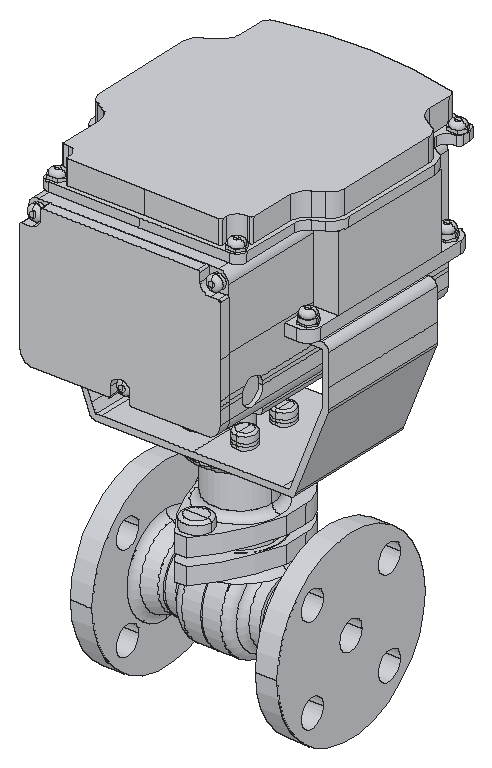
Revit family "電動二方弁(ロゴなし)", category Electrical Equipment, Revit 2020
Family settings
  Round Connector Dimension = Use Diameter
  Part Type = Other Panel
  OmniClass Number = 23.80.30.11.17
  OmniClass Title = Distribution Boards and Control Panels
  Work Plane-Based = No
  Always vertical = Yes
  Cut with Voids When Loaded = No
  Shared = No
  Room Calculation Point = No
Parameters
  配線φ(左側) [instance] = 14.031 mm
  配線φ(右側) [instance] = 14.031 mm
  配管φ [instance] = 95 mm
  配管2φ [instance] = 95 mm
  IfcObjectType = ""
  IfcName = ""
  IfcLongName = ""
  IfcExportType = ""
  IfcExportAs = ""
  IfcDescription = ""
  Default Elevation = 0 mm
Reference planes
  plane 1 "中心(正面/背面)": y = 0
  plane 2: z = 0
  plane 3 "中心(左/右)": x = 0
Forms (mm)
  Extrusion 1, solid
    sketch origin (0, 0, -77.064) x (0, 1, 0) y (0, 0, 1)
      loop
        circle (0, 124.5) r 47.5
    from 45.882 to 56.882
  Extrusion 2, void
    sketch origin (0, 0, -77) x (0, 1, 0) y (0, 0, 1)
      loop
        circle (-24.749, 149.249) r 7.5
    from 45.882 to 56.882
  Extrusion 3, void
    sketch origin (0, 49.497, -77) x (0, 1, 0) y (0, 0, 1)
      loop
        circle (-24.749, 149.249) r 7.5
    from 45.882 to 56.882
  Extrusion 4, void
    sketch origin (0, 0, -126.498) x (0, 1, 0) y (0, 0, 1)
      loop
        circle (-24.749, 149.249) r 7.5
    from 45.882 to 56.882
  Extrusion 5, void
    sketch origin (0, 49.497, -126.498) x (0, 1, 0) y (0, 0, 1)
      loop
        circle (-24.749, 149.249) r 7.5
    from 45.882 to 56.882
  Extrusion 6, void
    sketch origin (0, 24.749, -101.749) x (0, 1, 0) y (0, 0, 1)
      loop
        circle (-24.749, 149.249) r 7.5
    from 45.882 to 56.882
  Extrusion 7, solid
    sketch origin (-95, 0, -77.064) x (0, 1, 0) y (0, 0, 1)
      loop
        circle (0, 124.5) r 47.5
    from 45.882 to 56.882
  Extrusion 8, void
    sketch origin (-95, 0, -77) x (0, 1, 0) y (0, 0, 1)
      loop
        circle (-24.749, 149.249) r 7.5
    from 45.882 to 56.882
  Extrusion 9, solid
    sketch origin (0.118, 0, 0) x (1, 0, 0) y (0, 0, 1)
      loop
        line (-51.618, 196.3) -> (-51.618, 199.5) -> (-66.618, 199.5)
        arc (-66.618, 199.5) -> (-69.235, 198.416) -> (-70.318, 195.8) r 3.7
        line (-70.318, 195.8) -> (-70.318, 179.5) -> (-70.318, 169.594)
        arc (-70.318, 169.594) -> (-70.255, 168.913) -> (-70.068, 168.255) r 3.7
        line (-70.068, 168.255) -> (-53.226, 124.861)
        arc (-53.226, 124.861) -> (-51.866, 123.147) -> (-49.776, 122.5) r 3.7
        line (-49.776, 122.5) -> (49.539, 122.5)
        arc (49.539, 122.5) -> (51.629, 123.147) -> (52.989, 124.861) r 3.7
        line (52.989, 124.861) -> (69.831, 168.255)
        arc (69.831, 168.255) -> (70.018, 168.913) -> (70.082, 169.594) r 3.7
        line (70.082, 169.594) -> (70.082, 179.5) -> (70.082, 195.8)
        arc (70.082, 195.8) -> (68.998, 198.416) -> (66.382, 199.5) r 3.7
        line (66.382, 199.5) -> (51.182, 199.5) -> (51.182, 196.3) -> (66.382, 196.3)
        arc (66.382, 196.3) -> (66.735, 196.154) -> (66.882, 195.8) r 0.5
        line (66.882, 195.8) -> (66.882, 169.5) -> (64.355, 162.99) -> (49.882, 125.7) -> (46.449, 125.7) -> (-0.118, 125.7) -> (-46.686, 125.7) -> (-50.118, 125.7) -> (-51.928, 130.361) -> (-64.592, 162.99) -> (-67.118, 169.5) -> (-67.118, 195.8)
        arc (-67.118, 195.8) -> (-66.972, 196.154) -> (-66.618, 196.3) r 0.5
        line (-66.618, 196.3) -> (-51.618, 196.3)
    from -38.424 to 30.5
  Extrusion 10, solid
    sketch origin (0, -461.789, 0) x (1, 0, 0) y (0, 1, 0)
      loop
        arc (0, 545.194) -> (-22.618, 543.895) -> (-44.938, 540.014) r 197.5
        arc (-44.938, 540.014) -> (-47.717, 538.253) -> (-48.8, 535.145) r 5
        line (-48.8, 535.145) -> (-48.8, 522.279)
        arc (-48.8, 522.279) -> (-50.006, 517.779) -> (-53.3, 514.485) r 9
        line (-53.3, 514.485) -> (-58.8, 511.309)
        arc (-58.8, 511.309) -> (-61.728, 508.381) -> (-62.8, 504.381) r 8
        line (-62.8, 504.381) -> (-62.8, 450.408)
        arc (-62.8, 450.408) -> (-61.728, 446.408) -> (-58.8, 443.479) r 8
        line (-58.8, 443.479) -> (-53.3, 440.304)
        arc (-53.3, 440.304) -> (-50.006, 437.01) -> (-48.8, 432.51) r 9
        line (-48.8, 432.51) -> (-48.8, 409.394)
        arc (-48.8, 409.394) -> (-48.507, 408.687) -> (-47.8, 408.394) r 1
        line (-47.8, 408.394) -> (-46, 408.394)
        arc (-46, 408.394) -> (-41.757, 406.637) -> (-40, 402.394) r 6
        line (-40, 402.394) -> (-40, 400.594)
        arc (-40, 400.594) -> (-39.707, 399.887) -> (-39, 399.594) r 1
        line (-39, 399.594) -> (0, 399.594) -> (39, 399.594)
        arc (39, 399.594) -> (39.707, 399.887) -> (40, 400.594) r 1
        line (40, 400.594) -> (40, 402.394)
        arc (40, 402.394) -> (41.757, 406.637) -> (46, 408.394) r 6
        line (46, 408.394) -> (47.8, 408.394)
        arc (47.8, 408.394) -> (48.507, 408.687) -> (48.8, 409.394) r 1
        line (48.8, 409.394) -> (48.8, 432.51)
        arc (48.8, 432.51) -> (50.006, 437.01) -> (53.3, 440.304) r 9
        line (53.3, 440.304) -> (58.8, 443.479)
        arc (58.8, 443.479) -> (61.728, 446.408) -> (62.8, 450.408) r 8
        line (62.8, 450.408) -> (62.8, 504.381)
        arc (62.8, 504.381) -> (61.728, 508.381) -> (58.8, 511.309) r 8
        line (58.8, 511.309) -> (53.3, 514.485)
        arc (53.3, 514.485) -> (50.006, 517.779) -> (48.8, 522.279) r 9
        line (48.8, 522.279) -> (48.8, 535.145)
        arc (48.8, 535.145) -> (47.717, 538.253) -> (44.938, 540.014) r 5
        arc (44.938, 540.014) -> (22.618, 543.895) -> (0, 545.194) r 197.5
    from 248.5 to 260.5
  Extrusion 11, solid
    sketch origin (0, -461.789, 0) x (1, 0, 0) y (0, 1, 0)
      loop
        arc (0, 547.894) -> (-28.126, 545.907) -> (-55.692, 539.984) r 200
        arc (-55.692, 539.984) -> (-58.298, 538.185) -> (-59.3, 535.182) r 5
        line (-59.3, 535.182) -> (-59.3, 531.092)
        arc (-59.3, 531.092) -> (-58.732, 529.695) -> (-57.35, 529.092) r 2
        arc (-57.35, 529.092) -> (-53.205, 527.284) -> (-51.5, 523.094) r 6
        line (-51.5, 523.094) -> (-51.5, 522.106)
        arc (-51.5, 522.106) -> (-52.304, 519.106) -> (-54.5, 516.909) r 6
        line (-54.5, 516.909) -> (-60.5, 513.445)
        arc (-60.5, 513.445) -> (-64.16, 509.785) -> (-65.5, 504.785) r 10
        line (-65.5, 504.785) -> (-65.5, 450.003)
        arc (-65.5, 450.003) -> (-64.16, 445.003) -> (-60.5, 441.343) r 10
        line (-60.5, 441.343) -> (-55, 438.168)
        arc (-55, 438.168) -> (-52.438, 435.606) -> (-51.5, 432.106) r 7
        line (-51.5, 432.106) -> (-51.5, 401.894)
        arc (-51.5, 401.894) -> (-50.036, 398.359) -> (-46.5, 396.894) r 5
        line (-46.5, 396.894) -> (0, 396.894) -> (46.5, 396.894)
        arc (46.5, 396.894) -> (50.036, 398.359) -> (51.5, 401.894) r 5
        line (51.5, 401.894) -> (51.5, 432.106)
        arc (51.5, 432.106) -> (52.438, 435.606) -> (55, 438.168) r 7
        line (55, 438.168) -> (60.5, 441.343)
        arc (60.5, 441.343) -> (64.16, 445.003) -> (65.5, 450.003) r 10
        line (65.5, 450.003) -> (65.5, 504.785)
        arc (65.5, 504.785) -> (64.16, 509.785) -> (60.5, 513.445) r 10
        line (60.5, 513.445) -> (54.5, 516.909)
        arc (54.5, 516.909) -> (52.304, 519.106) -> (51.5, 522.106) r 6
        line (51.5, 522.106) -> (51.5, 523.094)
        arc (51.5, 523.094) -> (53.205, 527.284) -> (57.35, 529.092) r 6
        arc (57.35, 529.092) -> (58.732, 529.695) -> (59.3, 531.092) r 2
        line (59.3, 531.092) -> (59.3, 535.182)
        arc (59.3, 535.182) -> (58.298, 538.185) -> (55.692, 539.984) r 5
        arc (55.692, 539.984) -> (28.126, 545.907) -> (0, 547.894) r 200
    from 244 to 248.5
  Extrusion 12, solid
    sketch origin (0, -461.789, 0) x (1, 0, 0) y (0, 1, 0)
      loop
        circle (-58, 432.394) r 4.25
    from 206.5 to 208.5
  Extrusion 13, solid
    sketch origin (0, -461.789, 0) x (1, 0, 0) y (0, 1, 0)
      loop
        line (-60.454, 436.644) -> (-62.907, 432.394) -> (-60.454, 428.144) -> (-55.546, 428.144) -> (-53.093, 432.394) -> (-55.546, 436.644) -> (-58, 436.644) -> (-60.454, 436.644)
    from 205.5 to 206.5
  Revolve 14, solid, detail levels fine
    sketch origin (91.963, -59.403, 0) x (1, 0, 0) y (0, 0, 1)
      loop
        arc (-47.868, 252.7) -> (-49.481, 251.883) -> (-49.776, 250.1) r 2
        line (-49.776, 250.1) -> (-46.118, 250.1) -> (-46.118, 252.7) -> (-47.868, 252.7)
      axis (-46.118, 252.7) -> (-46.118, 250.1)
    angle from 0 to 360
  Revolve 15, solid
    sketch origin (-0.037, -59.403, 0) x (1, 0, 0) y (0, 0, 1)
      loop
        arc (-47.868, 252.7) -> (-49.481, 251.883) -> (-49.776, 250.1) r 2
        line (-49.776, 250.1) -> (-46.118, 250.1) -> (-46.118, 252.7) -> (-47.868, 252.7)
      axis (-46.118, 252.7) -> (-46.118, 250.1)
    angle from 0 to 360
  Extrusion 16, solid
    sketch origin (0.118, -20, 0) x (1, 0, 0) y (0, 0, 1)
      loop
        line (-46.13, 233.5) -> (-50.618, 233.5)
        arc (-50.618, 233.5) -> (-51.326, 233.207) -> (-51.618, 232.5) r 1
        line (-51.618, 232.5) -> (-51.618, 206.5) -> (-51.618, 187.2) -> (-51.618, 184.874) -> (-51.618, 182.778) -> (-51.618, 176)
        arc (-51.618, 176) -> (-49.568, 171.05) -> (-44.618, 169) r 7
        line (-44.618, 169) -> (-6.118, 169)
        arc (-6.118, 169) -> (-5.411, 169.293) -> (-5.118, 170) r 1
        line (-5.118, 170) -> (-5.118, 174.5)
        arc (-5.118, 174.5) -> (-3.654, 178.036) -> (-0.118, 179.5) r 5
        arc (-0.118, 179.5) -> (3.417, 178.036) -> (4.882, 174.5) r 5
        line (4.882, 174.5) -> (4.882, 170)
        arc (4.882, 170) -> (5.174, 169.293) -> (5.882, 169) r 1
        line (5.882, 169) -> (44.382, 169)
        arc (44.382, 169) -> (49.331, 171.05) -> (51.382, 176) r 7
        line (51.382, 176) -> (51.382, 182.778) -> (51.382, 184.874) -> (51.382, 187.2) -> (51.382, 206.5) -> (51.382, 232.5)
        arc (51.382, 232.5) -> (51.089, 233.207) -> (50.382, 233.5) r 1
        line (50.382, 233.5) -> (45.893, 233.5)
        arc (45.893, 233.5) -> (42.358, 234.965) -> (40.893, 238.5) r 5
        line (40.893, 238.5) -> (40.893, 243)
        arc (40.893, 243) -> (40.601, 243.707) -> (39.893, 244) r 1
        line (39.893, 244) -> (-40.13, 244)
        arc (-40.13, 244) -> (-40.838, 243.707) -> (-41.13, 243) r 1
        line (-41.13, 243) -> (-41.13, 238.5)
        arc (-41.13, 238.5) -> (-42.595, 234.965) -> (-46.13, 233.5) r 5
    from 51.5 to 57
  Extrusion 17, solid
    sketch origin (0, 0, 0) x (1, 0, 0) y (0, 0, 1)
      loop
        line (-13.607, 161) -> (-13.607, 139.5) -> (-0.118, 139.5) -> (13.607, 139.5) -> (13.607, 161) -> (-0.118, 161) -> (-13.607, 161)
    from -13.607 to 13.607
  Revolve 18, solid
    sketch origin (0, 0, 0) x (0, 1, 0) y (0, 0, 1)
      loop
        line (-6, 137.956) -> (-6.5, 137.09) -> (-6.5, 125.7) -> (0, 125.7) -> (0, 137.956) -> (-6, 137.956)
      axis (0, 137.956) -> (0, 125.7)
    angle from 0 to 360
  Revolve 19, solid
    sketch origin (-12.5, 0, 0) x (0, 1, 0) y (0, 0, 1)
      loop
        arc (-16.752, 132.9) -> (-17.541, 132.594) -> (-18.025, 131.9) r 1.452
        line (-18.025, 131.9) -> (-18.025, 128.9) -> (-12.5, 128.9) -> (-12.5, 132.9) -> (-16.752, 132.9)
      axis (-12.5, 132.9) -> (-12.5, 128.9)
    angle from 0 to 360
  Extrusion 20, solid, detail levels fine
    sketch origin (103.688, -491.798, 0) x (1, 0, 0) y (0, 1, 0)
      loop
        line (-60.731, 436.165) -> (-62.907, 432.394) -> (-60.775, 428.7) -> (-55.225, 428.7) -> (-53.093, 432.394) -> (-55.269, 436.165) -> (-58, 436.165) -> (-60.731, 436.165)
    from 248.5 to 250.1
  Extrusion 21, solid
    sketch origin (11.688, -491.798, 0) x (1, 0, 0) y (0, 1, 0)
      loop
        line (-60.731, 436.165) -> (-62.907, 432.394) -> (-60.775, 428.7) -> (-55.225, 428.7) -> (-53.093, 432.394) -> (-55.269, 436.165) -> (-58, 436.165) -> (-60.731, 436.165)
    from 248.5 to 250.1
  Extrusion 22, solid
    sketch origin (0, 0, 0) x (1, 0, 0) y (0, 0, 1)
      loop
        arc (51.382, 238.7) -> (49.829, 242.448) -> (46.082, 244) r 5.3
        line (46.082, 244) -> (-46.318, 244)
        arc (-46.318, 244) -> (-50.066, 242.448) -> (-51.618, 238.7) r 5.3
        line (-51.618, 238.7) -> (-51.618, 206.5) -> (-51.618, 187.2) -> (-51.618, 184.874) -> (-51.618, 182.778) -> (-51.618, 176)
        arc (-51.618, 176) -> (-49.568, 171.05) -> (-44.618, 169) r 7
        line (-44.618, 169) -> (-0.118, 169) -> (44.382, 169)
        arc (44.382, 169) -> (49.331, 171.05) -> (51.382, 176) r 7
        line (51.382, 176) -> (51.382, 182.778) -> (51.382, 184.874) -> (51.382, 187.2) -> (51.382, 206.5) -> (51.382, 238.7)
    from -69.008 to 71.5
  Extrusion 23, solid, detail levels medium+fine
    sketch origin (0, 0, 0) x (1, 0, 0) y (0, 0, 1)
      loop
        arc (-56.98, 162.726) -> (-58.567, 164.386) -> (-60.863, 164.437) r 3
        line (-60.863, 164.437) -> (-64.592, 162.99) -> (-51.928, 130.361) -> (-48.199, 131.809)
        arc (-48.199, 131.809) -> (-46.539, 133.395) -> (-46.487, 135.691) r 3
        line (-46.487, 135.691) -> (-56.98, 162.726)
    from -4.258 to 4.152
  Revolve 24, solid
    sketch origin (0, 0, 0) x (1, 0, 0) y (0, 0, 1)
      loop
        line (-27.754, 65.728) -> (-34.829, 68.303)
        arc (-34.829, 68.303) -> (-37.214, 70.133) -> (-38.118, 73.001) r 5
        line (-38.118, 73.001) -> (-38.118, 47.5) -> (-24.643, 47.5) -> (-24.643, 65.897)
        arc (-24.643, 65.897) -> (-26.18, 65.505) -> (-27.754, 65.728) r 4
      axis (-38.118, 47.5) -> (-24.643, 47.5)
    angle from 0 to 360
  Revolve 25, solid
    sketch origin (0, 0, 0) x (1, 0, 0) y (0, 0, 1)
      loop
        line (45.882, 47.5) -> (24.643, 47.5) -> (24.643, 30.5) -> (31.652, 30.5) -> (38.006, 30.5)
        arc (38.006, 30.5) -> (40.717, 30.126) -> (43.224, 29.03) r 10
        arc (43.224, 29.03) -> (45.166, 27.191) -> (45.882, 24.613) r 5
        line (45.882, 24.613) -> (45.882, 47.5)
      axis (24.643, 47.5) -> (45.882, 47.5)
    angle from 0 to 360
  Revolve 26, solid
    sketch origin (0, 0, 0) x (1, 0, 0) y (0, 0, 1)
      loop
        line (-24.643, 47.5) -> (-24.643, 29.5) -> (-18.893, 29.5)
        arc (-18.893, 29.5) -> (-16.399, 28.627) -> (-14.994, 26.389) r 4
        arc (-14.994, 26.389) -> (-13.237, 23.591) -> (-10.118, 22.5) r 5
        line (-10.118, 22.5) -> (0, 22.5) -> (0, 47.5) -> (-24.643, 47.5)
      axis (0, 47.5) -> (-24.643, 47.5)
    angle from 0 to 360
  Revolve 27, solid
    sketch origin (0, 0, 0) x (-1, 0, 0) y (0, 0, 1)
      loop
        line (-24.643, 47.5) -> (-24.643, 29.5) -> (-18.893, 29.5)
        arc (-18.893, 29.5) -> (-16.399, 28.627) -> (-14.994, 26.389) r 4
        arc (-14.994, 26.389) -> (-13.237, 23.591) -> (-10.118, 22.5) r 5
        line (-10.118, 22.5) -> (0, 22.5) -> (0, 47.5) -> (-24.643, 47.5)
      axis (0, 47.5) -> (-24.643, 47.5)
    angle from 0 to 360
  Revolve 28, solid
    sketch origin (-12.5, 0, 0) x (0, 1, 0) y (0, 0, 1)
      loop
        line (-18.025, 128.9) -> (-18.025, 127.3) -> (-18.025, 125.7) -> (-12.5, 125.7) -> (-12.5, 128.9) -> (-18.025, 128.9)
      axis (-12.5, 128.9) -> (-12.5, 125.7)
    angle from 0 to 360
  Revolve 29, solid
    sketch origin (-12.5, 25, 0) x (0, 1, 0) y (0, 0, 1)
      loop
        arc (-16.752, 132.9) -> (-17.541, 132.594) -> (-18.025, 131.9) r 1.452
        line (-18.025, 131.9) -> (-18.025, 128.9) -> (-12.5, 128.9) -> (-12.5, 132.9) -> (-16.752, 132.9)
      axis (-12.5, 132.9) -> (-12.5, 128.9)
    angle from 0 to 360
  Revolve 30, solid
    sketch origin (-12.5, 25, 0) x (0, 1, 0) y (0, 0, 1)
      loop
        line (-18.025, 128.9) -> (-18.025, 127.3) -> (-18.025, 125.7) -> (-12.5, 125.7) -> (-12.5, 128.9) -> (-18.025, 128.9)
      axis (-12.5, 128.9) -> (-12.5, 125.7)
    angle from 0 to 360
  Revolve 31, solid
    sketch origin (12.5, 0, 0) x (0, 1, 0) y (0, 0, 1)
      loop
        arc (-16.752, 132.9) -> (-17.541, 132.594) -> (-18.025, 131.9) r 1.452
        line (-18.025, 131.9) -> (-18.025, 128.9) -> (-12.5, 128.9) -> (-12.5, 132.9) -> (-16.752, 132.9)
      axis (-12.5, 132.9) -> (-12.5, 128.9)
    angle from 0 to 360
  Revolve 32, solid
    sketch origin (12.5, 0, 0) x (0, 1, 0) y (0, 0, 1)
      loop
        line (-18.025, 128.9) -> (-18.025, 127.3) -> (-18.025, 125.7) -> (-12.5, 125.7) -> (-12.5, 128.9) -> (-18.025, 128.9)
      axis (-12.5, 128.9) -> (-12.5, 125.7)
    angle from 0 to 360
  Revolve 33, solid
    sketch origin (12.5, 25, 0) x (0, 1, 0) y (0, 0, 1)
      loop
        arc (-16.752, 132.9) -> (-17.541, 132.594) -> (-18.025, 131.9) r 1.452
        line (-18.025, 131.9) -> (-18.025, 128.9) -> (-12.5, 128.9) -> (-12.5, 132.9) -> (-16.752, 132.9)
      axis (-12.5, 132.9) -> (-12.5, 128.9)
    angle from 0 to 360
  Revolve 34, solid
    sketch origin (12.5, 25, 0) x (0, 1, 0) y (0, 0, 1)
      loop
        line (-18.025, 128.9) -> (-18.025, 127.3) -> (-18.025, 125.7) -> (-12.5, 125.7) -> (-12.5, 128.9) -> (-18.025, 128.9)
      axis (-12.5, 128.9) -> (-12.5, 125.7)
    angle from 0 to 360
  Revolve 35, solid
    sketch origin (0, 0, 0) x (1, 0, 0) y (0, 0, 1)
      loop
        line (-4.75, 139.5) -> (-4.75, 137.956) -> (0, 137.956) -> (0, 139.5) -> (-4.75, 139.5)
      axis (0, 139.5) -> (0, 137.956)
    angle from 0 to 360
  Revolve 36, solid
    sketch origin (0, 0, 0) x (1, 0, 0) y (0, 0, 1)
      loop
        line (0, 77) -> (-20, 77) -> (-20, 73.103)
        arc (-20, 73.103) -> (-21.527, 68.402) -> (-25.524, 65.495) r 8
        line (-25.524, 65.495) -> (-18.847, 65.495)
        arc (-18.847, 65.495) -> (-16.351, 66.373) -> (-14.953, 68.62) r 3.988
        arc (-14.953, 68.62) -> (-13.31, 71.404) -> (-10.268, 72.5) r 4.769
        line (-10.268, 72.5) -> (0, 72.5) -> (0, 77)
      axis (0, 77) -> (0, 65.495)
    angle from 0 to 360
  Extrusion 37, solid
    sketch origin (0, 0, 0) x (1, 0, 0) y (0, 0, 1)
      loop
        line (-47, 169.152) -> (-47, 167.5)
        arc (-47, 167.5) -> (-46.121, 165.379) -> (-44, 164.5) r 3
        line (-44, 164.5) -> (44, 164.5)
        arc (44, 164.5) -> (46.121, 165.379) -> (47, 167.5) r 3
        line (47, 167.5) -> (47, 169.462)
        arc (47, 169.462) -> (45.784, 169.119) -> (44.525, 169) r 7
        line (44.525, 169) -> (-42.442, 169)
        arc (-42.442, 169) -> (-44.734, 168.695) -> (-47, 169.152) r 7
    from -44 to 44
  Revolve 38, solid
    sketch origin (0, -28, 0) x (1, 0, 0) y (0, 0, 1)
      loop
        line (0, 95.717) -> (-5.688, 95.717)
        arc (-5.688, 95.717) -> (-6.779, 95.427) -> (-7.583, 94.633) r 2.201
        line (-7.583, 94.633) -> (-7.583, 90.3) -> (0, 90.3) -> (0, 95.717)
      axis (0, 95.717) -> (0, 90.3)
    angle from 0 to 360
  Revolve 39, solid
    sketch origin (0, 0, 0) x (1, 0, 0) y (0, 0, 1)
      loop
        arc (-18.5, 115.3) -> (-17.086, 114.714) -> (-16.5, 113.3) r 2
        line (-16.5, 113.3) -> (-16.5, 94.3)
        arc (-16.5, 94.3) -> (-17.672, 91.472) -> (-20.5, 90.3) r 4
        line (-20.5, 90.3) -> (0, 90.3) -> (0, 115.3) -> (-18.5, 115.3)
      axis (0, 90.3) -> (0, 115.3)
    angle from 0 to 360
  Revolve 40, solid, detail levels fine
    sketch origin (0, 0, 0) x (1, 0, 0) y (0, 0, 1)
      loop
        line (-4, 81.3) -> (-4, 77) -> (0, 77) -> (0, 81.3) -> (-4, 81.3)
      axis (0, 77) -> (0, 81.3)
    angle from 0 to 360
  Extrusion 41, solid
    sketch origin (0, -461.789, 210) x (1, 0, 0) y (0, 1, 0)
      loop
        line (65, 432.394) -> (65, 522.394)
        arc (65, 522.394) -> (63.715, 526.436) -> (60.333, 528.994) r 7
        arc (60.333, 528.994) -> (59.578, 529.473) -> (59.107, 530.234) r 2
        arc (59.107, 530.234) -> (58.39, 529.415) -> (57.35, 529.092) r 2
        arc (57.35, 529.092) -> (53.205, 527.284) -> (51.5, 523.094) r 6
        line (51.5, 523.094) -> (51.5, 425.394) -> (58, 425.394)
        arc (58, 425.394) -> (62.95, 427.445) -> (65, 432.394) r 7
    from -10.5 to -4.5
  Extrusion 42, solid
    sketch origin (0, -461.789, 210) x (-1, 0, 0) y (0, -1, 0)
      loop
        arc (65, -432.394) -> (62.95, -427.445) -> (58, -425.394) r 7
        line (58, -425.394) -> (51.5, -425.394) -> (51.5, -523.094)
        arc (51.5, -523.094) -> (53.205, -527.284) -> (57.35, -529.092) r 6
        arc (57.35, -529.092) -> (58.39, -529.415) -> (59.107, -530.234) r 2
        arc (59.107, -530.234) -> (59.578, -529.473) -> (60.333, -528.994) r 2
        arc (60.333, -528.994) -> (63.715, -526.436) -> (65, -522.394) r 7
        line (65, -522.394) -> (65, -432.394)
    from -10.5 to -4.5
  Extrusion 43, solid, detail levels medium+fine
    sketch origin (0, 0, 0) x (-1, 0, 0) y (0, 0, -1)
      loop
        line (-56.98, -162.726) -> (-46.487, -135.691)
        arc (-46.487, -135.691) -> (-46.539, -133.395) -> (-48.199, -131.809) r 3
        line (-48.199, -131.809) -> (-51.928, -130.361) -> (-64.592, -162.99) -> (-60.863, -164.437)
        arc (-60.863, -164.437) -> (-58.567, -164.386) -> (-56.98, -162.726) r 3
    from -4.258 to 4.152
  Extrusion 44, solid
    sketch origin (0, 0, 0) x (1, 0, 0) y (0, 0, 1)
      loop
        line (-28.5, 161) -> (28.5, 161) -> (28.5, 161.788) -> (-28.5, 161.788) -> (-28.5, 161)
    from -28.5 to 28.511
  Revolve 45, solid
    sketch origin (0, -30, 0) x (1, 0, 0) y (0, 0, 1)
      loop
        line (-60.5, 199.5) -> (-60.5, 197.236) -> (-58.25, 197.236) -> (-58.25, 199.5) -> (-60.5, 199.5)
      axis (-58.25, 199.5) -> (-58.25, 197.236)
    angle from 0 to 360
  Revolve 46, solid
    sketch origin (0, 60, 0) x (1, 0, 0) y (0, 0, 1)
      loop
        line (-60.5, 199.5) -> (-60.5, 197.236) -> (-58.25, 197.236) -> (-58.25, 199.5) -> (-60.5, 199.5)
      axis (-58.25, 199.5) -> (-58.25, 197.236)
    angle from 0 to 360
  Revolve 47, solid
    sketch origin (116.875, -30, 0) x (1, 0, 0) y (0, 0, 1)
      loop
        line (-60.5, 199.5) -> (-60.5, 197.236) -> (-58.25, 197.236) -> (-58.25, 199.5) -> (-60.5, 199.5)
      axis (-58.25, 199.5) -> (-58.25, 197.236)
    angle from 0 to 360
  Revolve 48, solid
    sketch origin (116.875, 60, 0) x (1, 0, 0) y (0, 0, 1)
      loop
        line (-60.5, 199.5) -> (-60.5, 197.236) -> (-58.25, 197.236) -> (-58.25, 199.5) -> (-60.5, 199.5)
      axis (-58.25, 199.5) -> (-58.25, 197.236)
    angle from 0 to 360
  Extrusion 49, solid
    sketch origin (-364.746, -162.773, 80.3) x (1, 0, 0) y (0, 1, 0)
      loop
        arc (341.746, 163.987) -> (349.545, 143.272) -> (361.7, 124.773) r 100.225
        line (361.7, 124.773) -> (367.792, 124.773)
        arc (367.792, 124.773) -> (379.948, 143.272) -> (387.746, 163.987) r 100.225
        line (387.746, 163.987) -> (387.746, 176.305)
        arc (387.746, 176.305) -> (383.257, 189.309) -> (371.7, 196.773) r 21.077
        line (371.7, 196.773) -> (357.792, 196.773)
        arc (357.792, 196.773) -> (346.236, 189.309) -> (341.746, 176.305) r 21.077
        line (341.746, 176.305) -> (341.746, 163.987)
    from 1 to 10
  Revolve 50, solid
    sketch origin (0, 0, 0) x (1, 0, 0) y (0, 0, 1)
      loop
        line (-25, 122.5) -> (-25, 117.3)
        arc (-25, 117.3) -> (-24.414, 115.886) -> (-23, 115.3) r 2
        line (-23, 115.3) -> (0, 115.3) -> (0, 122.5) -> (-25, 122.5)
      axis (0, 115.3) -> (0, 122.5)
    angle from 0 to 360
  Extrusion 51, solid
    sketch origin (-364.746, -162.773, 67) x (1, 0, 0) y (0, 1, 0)
      loop
        arc (341.746, 163.987) -> (349.545, 143.272) -> (361.7, 124.773) r 100.225
        line (361.7, 124.773) -> (367.792, 124.773)
        arc (367.792, 124.773) -> (379.948, 143.272) -> (387.746, 163.987) r 100.225
        line (387.746, 163.987) -> (387.746, 176.305)
        arc (387.746, 176.305) -> (383.257, 189.309) -> (371.7, 196.773) r 21.077
        line (371.7, 196.773) -> (357.792, 196.773)
        arc (357.792, 196.773) -> (346.236, 189.309) -> (341.746, 176.305) r 21.077
        line (341.746, 176.305) -> (341.746, 163.987)
    from 1 to 10
  Revolve 52, solid, detail levels medium+fine
    sketch origin (-13.227, 0, 0) x (1, 0, 0) y (0, 0, 1)
      loop
        line (-4.273, 81.3) -> (-4.273, 77) -> (13.227, 77) -> (13.227, 81.3) -> (-4.273, 81.3)
      axis (13.227, 77) -> (13.227, 81.3)
    angle from 0 to 360
  Extrusion 53, void
    sketch origin (-95, 49.497, -77) x (0, 1, 0) y (0, 0, 1)
      loop
        circle (-24.749, 149.249) r 7.5
    from 45.882 to 56.882
  Extrusion 54, void
    sketch origin (-95, 49.497, -126.498) x (0, 1, 0) y (0, 0, 1)
      loop
        circle (-24.749, 149.249) r 7.5
    from 45.882 to 56.882
  Extrusion 55, void
    sketch origin (0, 0, -126.498) x (0, 1, 0) y (0, 0, 1)
      loop
        circle (-24.749, 149.249) r 7.5
    from 45.882 to 56.882
  Extrusion 56, void
    sketch origin (-95, 0, -126.498) x (0, 1, 0) y (0, 0, 1)
      loop
        circle (-24.749, 149.249) r 7.5
    from 45.882 to 56.882
  Extrusion 57, void
    sketch origin (-95, 24.749, -101.749) x (0, 1, 0) y (0, 0, 1)
      loop
        circle (-24.749, 149.249) r 7.5
    from 45.882 to 56.882
  Revolve 58, solid
    sketch origin (-46.056, 5.5, 0) x (0, 1, 0) y (0, 0, 1)
      loop
        arc (-78.6, 242.158) -> (-80.383, 241.863) -> (-81.2, 240.25) r 2
        line (-81.2, 240.25) -> (-81.2, 238.5) -> (-78.6, 238.5) -> (-78.6, 242.158)
      axis (-78.6, 238.5) -> (-81.2, 238.5)
    angle from 0 to 360
  Revolve 59, solid
    sketch origin (-46.014, 5.5, 0) x (0, 1, 0) y (0, 0, 1)
      loop
        line (-78.6, 242.25) -> (-78.6, 238.5) -> (-77, 238.5) -> (-77, 242.25) -> (-78.6, 242.25)
      axis (-78.6, 238.5) -> (-77, 238.5)
    angle from 0 to 360
  Revolve 60, solid
    sketch origin (45.944, 5.5, 0) x (0, 1, 0) y (0, 0, 1)
      loop
        arc (-78.6, 242.158) -> (-80.383, 241.863) -> (-81.2, 240.25) r 2
        line (-81.2, 240.25) -> (-81.2, 238.5) -> (-78.6, 238.5) -> (-78.6, 242.158)
      axis (-78.6, 238.5) -> (-81.2, 238.5)
    angle from 0 to 360
  Revolve 61, solid
    sketch origin (45.986, 5.5, 0) x (0, 1, 0) y (0, 0, 1)
      loop
        line (-78.6, 242.25) -> (-78.6, 238.5) -> (-77, 238.5) -> (-77, 242.25) -> (-78.6, 242.25)
      axis (-78.6, 238.5) -> (-77, 238.5)
    angle from 0 to 360
  Revolve 62, solid
    sketch origin (-0.056, 5.5, -64) x (0, 1, 0) y (0, 0, 1)
      loop
        arc (-78.6, 242.158) -> (-80.383, 241.863) -> (-81.2, 240.25) r 2
        line (-81.2, 240.25) -> (-81.2, 238.5) -> (-78.6, 238.5) -> (-78.6, 242.158)
      axis (-78.6, 238.5) -> (-81.2, 238.5)
    angle from 0 to 360
  Revolve 63, solid
    sketch origin (-0.014, 5.5, -64) x (0, 1, 0) y (0, 0, 1)
      loop
        line (-78.6, 242.25) -> (-78.6, 238.5) -> (-77, 238.5) -> (-77, 242.25) -> (-78.6, 242.25)
      axis (-78.6, 238.5) -> (-77, 238.5)
    angle from 0 to 360
  Extrusion 64, solid
    sketch origin (0, 0, 0) x (1, 0, 0) y (0, 0, 1)
      loop
        line (-65, 244) -> (-65, 205.5) -> (-51.618, 205.5) -> (-51.618, 238.7)
        arc (-51.618, 238.7) -> (-50.066, 242.448) -> (-46.318, 244) r 5.3
        line (-46.318, 244) -> (-65, 244)
    from -47.676 to 17.676
  Extrusion 65, solid
    sketch origin (0, 0, 0) x (-1, 0, 0) y (0, 0, -1)
      loop
        line (-65, -244) -> (-46.318, -244)
        arc (-46.318, -244) -> (-50.066, -242.448) -> (-51.618, -238.7) r 5.3
        line (-51.618, -238.7) -> (-51.618, -205.5) -> (-65, -205.5) -> (-65, -244)
    from -47.676 to 17.676
  Revolve 66, solid
    sketch origin (-11.91, -29.395, -41.6) x (1, 0, 0) y (0, 0, 1)
      loop
        arc (-47.868, 253.422) -> (-49.691, 252.245) -> (-49.37, 250.1) r 2
        line (-49.37, 250.1) -> (-46.118, 250.1) -> (-46.118, 253.422) -> (-47.868, 253.422)
      axis (-46.118, 253.422) -> (-46.118, 250.1)
    angle from 0 to 360
  Extrusion 67, solid
    sketch origin (0, -372.414, 0) x (1, 0, 0) y (0, 1, 0)
      loop
        circle (-58, 432.394) r 4.25
    from 206.5 to 208.5
  Extrusion 68, solid
    sketch origin (0, -372.414, 0) x (1, 0, 0) y (0, 1, 0)
      loop
        line (-60.454, 436.644) -> (-62.907, 432.394) -> (-60.454, 428.144) -> (-55.546, 428.144) -> (-53.093, 432.394) -> (-55.546, 436.644) -> (-58, 436.644) -> (-60.454, 436.644)
    from 205.5 to 206.5
  Revolve 69, solid
    sketch origin (-11.91, 59.98, -41.6) x (1, 0, 0) y (0, 0, 1)
      loop
        arc (-47.868, 253.422) -> (-49.691, 252.245) -> (-49.37, 250.1) r 2
        line (-49.37, 250.1) -> (-46.118, 250.1) -> (-46.118, 253.422) -> (-47.868, 253.422)
      axis (-46.118, 253.422) -> (-46.118, 250.1)
    angle from 0 to 360
  Extrusion 70, solid
    sketch origin (116.5, -461.789, 0) x (1, 0, 0) y (0, 1, 0)
      loop
        circle (-58, 432.394) r 4.25
    from 206.5 to 208.5
  Extrusion 71, solid
    sketch origin (116.5, -461.789, 0) x (1, 0, 0) y (0, 1, 0)
      loop
        line (-60.454, 436.644) -> (-62.907, 432.394) -> (-60.454, 428.144) -> (-55.546, 428.144) -> (-53.093, 432.394) -> (-55.546, 436.644) -> (-58, 436.644) -> (-60.454, 436.644)
    from 205.5 to 206.5
  Revolve 72, solid
    sketch origin (104.59, -29.395, -41.6) x (1, 0, 0) y (0, 0, 1)
      loop
        arc (-47.868, 253.422) -> (-49.691, 252.245) -> (-49.37, 250.1) r 2
        line (-49.37, 250.1) -> (-46.118, 250.1) -> (-46.118, 253.422) -> (-47.868, 253.422)
      axis (-46.118, 253.422) -> (-46.118, 250.1)
    angle from 0 to 360
  Extrusion 73, solid
    sketch origin (116.5, -372.414, 0) x (1, 0, 0) y (0, 1, 0)
      loop
        circle (-58, 432.394) r 4.25
    from 206.5 to 208.5
  Extrusion 74, solid
    sketch origin (116.5, -372.414, 0) x (1, 0, 0) y (0, 1, 0)
      loop
        line (-60.454, 436.644) -> (-62.907, 432.394) -> (-60.454, 428.144) -> (-55.546, 428.144) -> (-53.093, 432.394) -> (-55.546, 436.644) -> (-58, 436.644) -> (-60.454, 436.644)
    from 205.5 to 206.5
  Revolve 75, solid
    sketch origin (104.59, 59.98, -41.6) x (1, 0, 0) y (0, 0, 1)
      loop
        arc (-47.868, 253.422) -> (-49.691, 252.245) -> (-49.37, 250.1) r 2
        line (-49.37, 250.1) -> (-46.118, 250.1) -> (-46.118, 253.422) -> (-47.868, 253.422)
      axis (-46.118, 253.422) -> (-46.118, 250.1)
    angle from 0 to 360
  Revolve 76, solid
    sketch origin (100.713, 71.847, 0) x (1, 0, 0) y (0, 0, 1)
      loop
        arc (-47.868, 252.7) -> (-49.481, 251.883) -> (-49.776, 250.1) r 2
        line (-49.776, 250.1) -> (-46.118, 250.1) -> (-46.118, 252.7) -> (-47.868, 252.7)
      axis (-46.118, 252.7) -> (-46.118, 250.1)
    angle from 0 to 360
  Revolve 77, solid
    sketch origin (-7.537, 71.847, 0) x (1, 0, 0) y (0, 0, 1)
      loop
        arc (-47.868, 252.7) -> (-49.481, 251.883) -> (-49.776, 250.1) r 2
        line (-49.776, 250.1) -> (-46.118, 250.1) -> (-46.118, 252.7) -> (-47.868, 252.7)
      axis (-46.118, 252.7) -> (-46.118, 250.1)
    angle from 0 to 360
  Extrusion 78, solid
    sketch origin (112.438, -360.548, 0) x (1, 0, 0) y (0, 1, 0)
      loop
        line (-60.731, 436.165) -> (-62.907, 432.394) -> (-60.775, 428.7) -> (-55.225, 428.7) -> (-53.093, 432.394) -> (-55.269, 436.165) -> (-58, 436.165) -> (-60.731, 436.165)
    from 248.5 to 250.1
  Extrusion 79, solid
    sketch origin (4.188, -360.548, 0) x (1, 0, 0) y (0, 1, 0)
      loop
        line (-60.731, 436.165) -> (-62.907, 432.394) -> (-60.775, 428.7) -> (-55.225, 428.7) -> (-53.093, 432.394) -> (-55.269, 436.165) -> (-58, 436.165) -> (-60.731, 436.165)
    from 248.5 to 250.1
  Extrusion 80, void
    sketch origin (0, 0, 0.741) x (0, 1, 0) y (0, 0, 1)
      loop
        circle (-56.39, 182.041) r 7.015
    from -51.618 to -48.8
  Extrusion 81, void
    sketch origin (0, 0, 0.741) x (0, 1, 0) y (0, 0, -1)
      loop
        circle (-56.39, -182.041) r 7.015
    from -51.618 to -48.8
Cuts and joins
  Extrusion 2, Extrusion 3, Extrusion 4, Extrusion 5, Extrusion 6, Extrusion 8, Extrusion 55 cuts Extrusion 1
  Extrusion 8, Extrusion 53, Extrusion 54, Extrusion 56, Extrusion 57 cuts Extrusion 7
  Extrusion 80, Extrusion 81 cuts Extrusion 22
Text (mm)
  text "100" at (1274.735, 860.036, 0), in view "参照レベル"
  text "0" at (1249.231, 860.036, 0), in view "参照レベル"
  text "82" at (1044.561, 945.199, 0), in view "参照レベル"
  text "85" at (1127.811, 945.199, 0), in view "参照レベル"
Dimensions and locks
  "配管φ": diameter of Extrusion 1 sketch curve
  "配管2φ": diameter of Extrusion 7 sketch curve
  "配線φ(左側)": diameter of Extrusion 80 sketch curve
  "配線φ(右側)": diameter of Extrusion 81 sketch curve
  aligned and locked: level to plane 2
  aligned and locked: Extrusion 1 to Extrusion 2  (x2)
  aligned and locked: Extrusion 7 to Extrusion 8  (x2)
  aligned and locked: Extrusion 11 to Extrusion 10
Automatic sketch dimensions
  plane 1 "中心(正面/背面)" to Extrusion 2 sketch curve = 24.749 mm
  level to Extrusion 2 sketch curve = 72.249 mm
  Extrusion 3 sketch curve to plane 1 "中心(正面/背面)" = 24.749 mm
  level to Extrusion 3 sketch curve = 72.249 mm
  plane 1 "中心(正面/背面)" to Extrusion 4 sketch curve = 24.749 mm
  level to Extrusion 4 sketch curve = 22.751 mm
  Extrusion 5 sketch curve to plane 1 "中心(正面/背面)" = 24.749 mm
  level to Extrusion 5 sketch curve = 22.751 mm
  Extrusion 6 sketch curve to plane 1 "中心(正面/背面)" = 0 mm
  level to Extrusion 6 sketch curve = 47.5 mm
  plane 1 "中心(正面/背面)" to Extrusion 8 sketch curve = 24.749 mm
  level to Extrusion 8 sketch curve = 72.249 mm
  Extrusion 9 sketch curve to Extrusion 9 sketch curve = 0 mm  (x4)
  Extrusion 9 sketch curve to plane 3 "中心(左/右)" = 0 mm
  Extrusion 9 sketch curve to plane 3 "中心(左/右)" = 46.567 mm
  Extrusion 9 sketch curve to Extrusion 9 sketch curve = 3.09 mm  (x2)
  Extrusion 9 sketch curve to Extrusion 9 sketch curve = 0.342 mm  (x2)
  Extrusion 9 sketch curve to plane 3 "中心(左/右)" = 51.5 mm
  Extrusion 9 sketch curve to Extrusion 9 sketch curve = 2.151 mm
  Extrusion 9 sketch curve to Extrusion 9 sketch curve = 3.107 mm  (x2)
  Extrusion 9 sketch curve to Extrusion 9 sketch curve = 12.664 mm
  Extrusion 9 sketch curve to Extrusion 9 sketch curve = 15 mm
  Extrusion 9 sketch curve to Extrusion 9 sketch curve = 2.027 mm  (x2)
  Extrusion 9 sketch curve to Extrusion 9 sketch curve = 0.5 mm  (x3)
  Extrusion 9 sketch curve to Extrusion 9 sketch curve = 2.949 mm  (x2)
  Extrusion 9 sketch curve to Extrusion 9 sketch curve = 0.251 mm  (x2)
  plane 3 "中心(左/右)" to Extrusion 9 sketch curve = 46.567 mm
  plane 3 "中心(左/右)" to Extrusion 9 sketch curve = 51.3 mm
  Extrusion 9 sketch curve to Extrusion 9 sketch curve = 13.173 mm
  Extrusion 9 sketch curve to Extrusion 9 sketch curve = 15.2 mm
  level to Extrusion 9 sketch curve = 122.5 mm
  Extrusion 9 sketch curve to Extrusion 9 sketch curve = 2.361 mm  (x2)
  Extrusion 9 sketch curve to Extrusion 9 sketch curve = 4.161 mm
  Extrusion 9 sketch curve to Extrusion 9 sketch curve = 32.629 mm
  Extrusion 9 sketch curve to Extrusion 9 sketch curve = 36.79 mm
  Extrusion 9 sketch curve to Extrusion 9 sketch curve = 5.265 mm  (x2)
  Extrusion 9 sketch curve to Extrusion 9 sketch curve = 0.094 mm  (x2)
  Extrusion 9 sketch curve to Extrusion 9 sketch curve = 9.906 mm  (x2)
  Extrusion 9 sketch curve to Extrusion 9 sketch curve = 16.3 mm  (x2)
  Extrusion 10 sketch curve to Extrusion 10 sketch curve = 0 mm  (x3)
  Extrusion 10 sketch curve to plane 3 "中心(左/右)" = 0 mm  (x2)
  Extrusion 10 sketch curve to plane 3 "中心(左/右)" = 39 mm
  Extrusion 10 sketch curve to Extrusion 10 sketch curve = 1 mm  (x4)
  Extrusion 10 sketch curve to plane 3 "中心(左/右)" = 43.8 mm
  Extrusion 10 sketch curve to Extrusion 10 sketch curve = 6 mm  (x2)
  Extrusion 10 sketch curve to Extrusion 10 sketch curve = 1.8 mm  (x3)
  Extrusion 10 sketch curve to Extrusion 10 sketch curve = 5 mm  (x2)
  plane 1 "中心(正面/背面)" to Extrusion 10 sketch curve = 21.485 mm  (x2)
  Extrusion 10 sketch curve to Extrusion 10 sketch curve = 4.5 mm  (x4)
  Extrusion 10 sketch curve to Extrusion 10 sketch curve = 1.5 mm  (x4)
  Extrusion 10 sketch curve to Extrusion 10 sketch curve = 9 mm  (x4)
  plane 1 "中心(正面/背面)" to Extrusion 10 sketch curve = 18.31 mm  (x2)
  Extrusion 10 sketch curve to Extrusion 10 sketch curve = 5.5 mm  (x4)
  Extrusion 10 sketch curve to Extrusion 10 sketch curve = 4 mm
  plane 3 "中心(左/右)" to Extrusion 10 sketch curve = 39 mm
  plane 3 "中心(左/右)" to Extrusion 10 sketch curve = 43.8 mm
  Extrusion 10 sketch curve to Extrusion 10 sketch curve = 8 mm
  Extrusion 10 sketch curve to Extrusion 10 sketch curve = 23.115 mm  (x2)
  Extrusion 10 sketch curve to Extrusion 10 sketch curve = 51.9 mm
  Extrusion 10 sketch curve to plane 1 "中心(正面/背面)" = 42.592 mm  (x2)
  Extrusion 10 sketch curve to Extrusion 10 sketch curve = 3.175 mm  (x2)
  Extrusion 10 sketch curve to Extrusion 10 sketch curve = 12.866 mm  (x2)
  Extrusion 11 sketch curve to Extrusion 11 sketch curve = 0 mm  (x5)
  Extrusion 11 sketch curve to plane 3 "中心(左/右)" = 0 mm  (x2)
  Extrusion 11 sketch curve to Extrusion 11 sketch curve = 46.5 mm
  Extrusion 11 sketch curve to Extrusion 11 sketch curve = 5 mm  (x4)
  Extrusion 11 sketch curve to plane 3 "中心(左/右)" = 51.5 mm
  Extrusion 11 sketch curve to Extrusion 11 sketch curve = 2.8 mm  (x2)
  Extrusion 11 sketch curve to Extrusion 11 sketch curve = 3 mm  (x4)
  plane 1 "中心(正面/背面)" to Extrusion 11 sketch curve = 23.621 mm  (x2)
  Extrusion 11 sketch curve to Extrusion 11 sketch curve = 3.5 mm  (x4)
  Extrusion 11 sketch curve to Extrusion 11 sketch curve = 0.5 mm  (x2)
  Extrusion 11 sketch curve to Extrusion 11 sketch curve = 1 mm  (x2)
  Extrusion 11 sketch curve to Extrusion 11 sketch curve = 6 mm  (x4)
  Extrusion 11 sketch curve to Extrusion 11 sketch curve = 2 mm  (x2)
  plane 1 "中心(正面/背面)" to Extrusion 11 sketch curve = 20.446 mm  (x2)
  Extrusion 11 sketch curve to Extrusion 11 sketch curve = 5.5 mm  (x2)
  plane 3 "中心(左/右)" to Extrusion 11 sketch curve = 46.5 mm
  plane 3 "中心(左/右)" to Extrusion 11 sketch curve = 51.5 mm
  Extrusion 11 sketch curve to Extrusion 11 sketch curve = 30.211 mm
  Extrusion 11 sketch curve to Extrusion 11 sketch curve = 49 mm
  Extrusion 11 sketch curve to plane 1 "中心(正面/背面)" = 42.996 mm  (x2)
  Extrusion 11 sketch curve to Extrusion 11 sketch curve = 3.464 mm  (x2)
  Extrusion 11 sketch curve to Extrusion 11 sketch curve = 0.989 mm  (x2)
  Extrusion 11 sketch curve to Extrusion 11 sketch curve = 7.997 mm  (x2)
  Extrusion 11 sketch curve to Extrusion 11 sketch curve = 4.09 mm  (x2)
  Extrusion 12 sketch curve to plane 3 "中心(左/右)" = 58 mm
  plane 1 "中心(正面/背面)" to Extrusion 12 sketch curve = 29.395 mm
  plane 1 "中心(正面/背面)" to Extrusion 13 sketch curve = 29.395 mm
  Extrusion 13 sketch curve to plane 3 "中心(左/右)" = 62.907 mm
  plane 1 "中心(正面/背面)" to Extrusion 13 sketch curve = 25.145 mm
  Extrusion 13 sketch curve to Extrusion 13 sketch curve = 2.454 mm  (x5)
  Extrusion 13 sketch curve to Extrusion 13 sketch curve = 4.907 mm
  Extrusion 13 sketch curve to Extrusion 13 sketch curve = 4.25 mm  (x2)
  plane 3 "中心(左/右)" to Revolve 14 sketch curve = 42.186 mm
  Revolve 14 sketch curve to Revolve 14 sketch curve = 1.908 mm
  Revolve 14 sketch curve to Revolve 14 sketch curve = 1.75 mm
  level to Revolve 14 sketch curve = 250.1 mm
  Revolve 14 sketch curve to Revolve 14 sketch curve = 0.6 mm
  Revolve 14 sketch curve to Revolve 14 sketch curve = 0 mm  (x3)
  Revolve 15 sketch curve to plane 3 "中心(左/右)" = 49.814 mm
  Revolve 15 sketch curve to Revolve 15 sketch curve = 1.908 mm
  Revolve 15 sketch curve to Revolve 15 sketch curve = 1.75 mm
  level to Revolve 15 sketch curve = 250.1 mm
  Revolve 15 sketch curve to Revolve 15 sketch curve = 0.6 mm
  Revolve 15 sketch curve to Revolve 15 sketch curve = 0 mm  (x3)
  Extrusion 16 sketch curve to Extrusion 16 sketch curve = 0 mm  (x2)
  Extrusion 16 sketch curve to plane 3 "中心(左/右)" = 0 mm
  Extrusion 16 sketch curve to plane 3 "中心(左/右)" = 5 mm
  Extrusion 16 sketch curve to Extrusion 16 sketch curve = 1 mm  (x6)
  Extrusion 16 sketch curve to plane 3 "中心(左/右)" = 40.012 mm
  Extrusion 16 sketch curve to Extrusion 16 sketch curve = 38.5 mm  (x2)
  Extrusion 16 sketch curve to Extrusion 16 sketch curve = 5 mm  (x2)
  Extrusion 16 sketch curve to Extrusion 16 sketch curve = 4.488 mm  (x2)
  Extrusion 16 sketch curve to Extrusion 16 sketch curve = 7 mm
  plane 3 "中心(左/右)" to Extrusion 16 sketch curve = 40.012 mm
  level to Extrusion 16 sketch curve = 169 mm
  Extrusion 16 sketch curve to Extrusion 16 sketch curve = 4.5 mm  (x2)
  Extrusion 16 sketch curve to Extrusion 16 sketch curve = 6.778 mm  (x2)
  Extrusion 16 sketch curve to Extrusion 16 sketch curve = 2.096 mm  (x2)
  Extrusion 16 sketch curve to Extrusion 16 sketch curve = 2.326 mm  (x2)
  Extrusion 16 sketch curve to Extrusion 16 sketch curve = 19.3 mm  (x2)
  Extrusion 16 sketch curve to Extrusion 16 sketch curve = 26 mm  (x2)
  Extrusion 17 sketch curve to plane 3 "中心(左/右)" = 13.607 mm
  Extrusion 17 sketch curve to plane 3 "中心(左/右)" = 0.118 mm  (x2)
  plane 3 "中心(左/右)" to Extrusion 17 sketch curve = 13.607 mm
  level to Extrusion 17 sketch curve = 139.5 mm
  Extrusion 17 sketch curve to Extrusion 17 sketch curve = 21.5 mm
  Revolve 18 sketch curve to plane 1 "中心(正面/背面)" = 0 mm  (x2)
  Revolve 18 sketch curve to Revolve 18 sketch curve = 6 mm
  Revolve 18 sketch curve to Revolve 18 sketch curve = 6.5 mm
  level to Revolve 18 sketch curve = 125.7 mm
  Revolve 18 sketch curve to Revolve 18 sketch curve = 11.39 mm
  Revolve 18 sketch curve to Revolve 18 sketch curve = 0.866 mm
  Revolve 18 sketch curve to Revolve 18 sketch curve = 0 mm  (x2)
  plane 1 "中心(正面/背面)" to Revolve 19 sketch curve = 18.025 mm
  Revolve 19 sketch curve to Revolve 19 sketch curve = 1.273 mm
  Revolve 19 sketch curve to Revolve 19 sketch curve = 0.108 mm
  Revolve 19 sketch curve to Revolve 19 sketch curve = 4.144 mm
  level to Revolve 19 sketch curve = 128.9 mm
  Revolve 19 sketch curve to Revolve 19 sketch curve = 2.552 mm
  Revolve 19 sketch curve to Revolve 19 sketch curve = 0.448 mm
  Revolve 19 sketch curve to Revolve 19 sketch curve = 0 mm  (x3)
  plane 3 "中心(左/右)" to Extrusion 20 sketch curve = 40.781 mm
  Extrusion 20 sketch curve to Extrusion 20 sketch curve = 2.133 mm  (x2)
  Extrusion 20 sketch curve to Extrusion 20 sketch curve = 2.177 mm
  Extrusion 20 sketch curve to Extrusion 20 sketch curve = 2.731 mm  (x2)
  Extrusion 20 sketch curve to Extrusion 20 sketch curve = 5.55 mm
  plane 1 "中心(正面/背面)" to Extrusion 20 sketch curve = 63.097 mm
  Extrusion 20 sketch curve to Extrusion 20 sketch curve = 3.694 mm  (x2)
  Extrusion 20 sketch curve to Extrusion 20 sketch curve = 3.771 mm
  Extrusion 21 sketch curve to plane 3 "中心(左/右)" = 51.219 mm
  Extrusion 21 sketch curve to Extrusion 21 sketch curve = 2.133 mm  (x2)
  Extrusion 21 sketch curve to Extrusion 21 sketch curve = 2.177 mm
  Extrusion 21 sketch curve to Extrusion 21 sketch curve = 2.731 mm  (x2)
  Extrusion 21 sketch curve to Extrusion 21 sketch curve = 5.55 mm
  plane 1 "中心(正面/背面)" to Extrusion 21 sketch curve = 63.097 mm
  Extrusion 21 sketch curve to Extrusion 21 sketch curve = 3.694 mm  (x2)
  Extrusion 21 sketch curve to Extrusion 21 sketch curve = 3.771 mm
  Extrusion 22 sketch curve to plane 3 "中心(左/右)" = 51.618 mm
  Extrusion 22 sketch curve to Extrusion 22 sketch curve = 5.3 mm
  Extrusion 22 sketch curve to Extrusion 22 sketch curve = 7 mm  (x2)
  Extrusion 22 sketch curve to plane 3 "中心(左/右)" = 0.118 mm
  plane 3 "中心(左/右)" to Extrusion 22 sketch curve = 44.382 mm
  plane 3 "中心(左/右)" to Extrusion 22 sketch curve = 46.082 mm
  level to Extrusion 22 sketch curve = 169 mm
  Extrusion 22 sketch curve to Extrusion 22 sketch curve = 6.778 mm  (x2)
  Extrusion 22 sketch curve to Extrusion 22 sketch curve = 2.096 mm  (x2)
  Extrusion 22 sketch curve to Extrusion 22 sketch curve = 2.326 mm  (x2)
  Extrusion 22 sketch curve to Extrusion 22 sketch curve = 19.3 mm  (x2)
  Extrusion 22 sketch curve to Extrusion 22 sketch curve = 32.2 mm
  Extrusion 23 sketch curve to plane 3 "中心(左/右)" = 64.592 mm
  Extrusion 23 sketch curve to Extrusion 23 sketch curve = 3.729 mm
  Extrusion 23 sketch curve to Extrusion 23 sketch curve = 1.085 mm  (x2)
  Extrusion 23 sketch curve to Extrusion 23 sketch curve = 2.797 mm  (x4)
  Extrusion 23 sketch curve to Extrusion 23 sketch curve = 7.85 mm
  Extrusion 23 sketch curve to Extrusion 23 sketch curve = 2.643 mm
  level to Extrusion 23 sketch curve = 130.361 mm
  Extrusion 23 sketch curve to Extrusion 23 sketch curve = 1.447 mm
  Revolve 24 sketch curve to plane 3 "中心(左/右)" = 38.118 mm
  Revolve 24 sketch curve to Revolve 24 sketch curve = 3.29 mm
  Revolve 24 sketch curve to Revolve 24 sketch curve = 5 mm
  Revolve 24 sketch curve to Revolve 24 sketch curve = 6.738 mm
  Revolve 24 sketch curve to Revolve 24 sketch curve = 13.476 mm
  level to Revolve 24 sketch curve = 47.5 mm
  Revolve 24 sketch curve to Revolve 24 sketch curve = 18.397 mm
  Revolve 24 sketch curve to Revolve 24 sketch curve = 2.405 mm
  Revolve 24 sketch curve to Revolve 24 sketch curve = 3.603 mm
  Revolve 24 sketch curve to Revolve 24 sketch curve = 0 mm  (x3)
  Revolve 24 sketch curve to Revolve 24 sketch curve = 3.111 mm
  Revolve 24 sketch curve to Revolve 24 sketch curve = 0.005 mm
  Revolve 24 sketch curve to Revolve 24 sketch curve = 0.014 mm
  plane 3 "中心(左/右)" to Revolve 25 sketch curve = 24.643 mm
  Revolve 25 sketch curve to Revolve 25 sketch curve = 7.009 mm
  Revolve 25 sketch curve to Revolve 25 sketch curve = 6.354 mm
  Revolve 25 sketch curve to Revolve 25 sketch curve = 2.876 mm
  Revolve 25 sketch curve to Revolve 25 sketch curve = 5 mm
  level to Revolve 25 sketch curve = 20.5 mm
  Revolve 25 sketch curve to Revolve 25 sketch curve = 4.113 mm
  Revolve 25 sketch curve to Revolve 25 sketch curve = 5.887 mm
  Revolve 25 sketch curve to Revolve 25 sketch curve = 18.47 mm
  Revolve 25 sketch curve to Revolve 25 sketch curve = 5.817 mm
  Revolve 25 sketch curve to Revolve 25 sketch curve = 0 mm  (x2)
  Revolve 26 sketch curve to plane 3 "中心(左/右)" = 0 mm  (x2)
  Revolve 26 sketch curve to plane 3 "中心(左/右)" = 10.118 mm
  Revolve 26 sketch curve to Revolve 26 sketch curve = 8.775 mm
  Revolve 26 sketch curve to Revolve 26 sketch curve = 5.749 mm
  level to Revolve 26 sketch curve = 22.5 mm
  Revolve 26 sketch curve to Revolve 26 sketch curve = 3 mm
  Revolve 26 sketch curve to Revolve 26 sketch curve = 5 mm
  Revolve 26 sketch curve to Revolve 26 sketch curve = 4 mm
  Revolve 26 sketch curve to Revolve 26 sketch curve = 18 mm
  Revolve 26 sketch curve to Revolve 26 sketch curve = 3.9 mm
  Revolve 26 sketch curve to Revolve 26 sketch curve = 0 mm  (x3)
  Revolve 27 sketch curve to plane 3 "中心(左/右)" = 0 mm  (x2)
  Revolve 27 sketch curve to plane 3 "中心(左/右)" = 10.118 mm
  Revolve 27 sketch curve to Revolve 27 sketch curve = 8.775 mm
  Revolve 27 sketch curve to Revolve 27 sketch curve = 5.749 mm
  Revolve 27 sketch curve to level = 22.5 mm
  Revolve 27 sketch curve to Revolve 27 sketch curve = 3 mm
  Revolve 27 sketch curve to Revolve 27 sketch curve = 5 mm
  Revolve 27 sketch curve to Revolve 27 sketch curve = 4 mm
  Revolve 27 sketch curve to Revolve 27 sketch curve = 18 mm
  Revolve 27 sketch curve to Revolve 27 sketch curve = 3.9 mm
  Revolve 27 sketch curve to Revolve 27 sketch curve = 0 mm  (x3)
  plane 1 "中心(正面/背面)" to Revolve 28 sketch curve = 18.025 mm
  Revolve 28 sketch curve to Revolve 28 sketch curve = 5.525 mm
  level to Revolve 28 sketch curve = 125.7 mm
  Revolve 28 sketch curve to Revolve 28 sketch curve = 1.6 mm
  Revolve 28 sketch curve to Revolve 28 sketch curve = 3.2 mm
  Revolve 28 sketch curve to Revolve 28 sketch curve = 0 mm  (x3)
  Revolve 29 sketch curve to plane 1 "中心(正面/背面)" = 6.975 mm
  Revolve 29 sketch curve to Revolve 29 sketch curve = 1.273 mm
  Revolve 29 sketch curve to Revolve 29 sketch curve = 0.108 mm
  Revolve 29 sketch curve to Revolve 29 sketch curve = 4.144 mm
  level to Revolve 29 sketch curve = 128.9 mm
  Revolve 29 sketch curve to Revolve 29 sketch curve = 2.552 mm
  Revolve 29 sketch curve to Revolve 29 sketch curve = 0.448 mm
  Revolve 29 sketch curve to Revolve 29 sketch curve = 0 mm  (x3)
  Revolve 30 sketch curve to plane 1 "中心(正面/背面)" = 6.975 mm
  Revolve 30 sketch curve to Revolve 30 sketch curve = 5.525 mm
  level to Revolve 30 sketch curve = 125.7 mm
  Revolve 30 sketch curve to Revolve 30 sketch curve = 1.6 mm
  Revolve 30 sketch curve to Revolve 30 sketch curve = 3.2 mm
  Revolve 30 sketch curve to Revolve 30 sketch curve = 0 mm  (x3)
  plane 1 "中心(正面/背面)" to Revolve 31 sketch curve = 18.025 mm
  Revolve 31 sketch curve to Revolve 31 sketch curve = 1.273 mm
  Revolve 31 sketch curve to Revolve 31 sketch curve = 0.108 mm
  Revolve 31 sketch curve to Revolve 31 sketch curve = 4.144 mm
  level to Revolve 31 sketch curve = 128.9 mm
  Revolve 31 sketch curve to Revolve 31 sketch curve = 2.552 mm
  Revolve 31 sketch curve to Revolve 31 sketch curve = 0.448 mm
  Revolve 31 sketch curve to Revolve 31 sketch curve = 0 mm  (x3)
  plane 1 "中心(正面/背面)" to Revolve 32 sketch curve = 18.025 mm
  Revolve 32 sketch curve to Revolve 32 sketch curve = 5.525 mm
  level to Revolve 32 sketch curve = 125.7 mm
  Revolve 32 sketch curve to Revolve 32 sketch curve = 1.6 mm
  Revolve 32 sketch curve to Revolve 32 sketch curve = 3.2 mm
  Revolve 32 sketch curve to Revolve 32 sketch curve = 0 mm  (x3)
  Revolve 33 sketch curve to plane 1 "中心(正面/背面)" = 6.975 mm
  Revolve 33 sketch curve to Revolve 33 sketch curve = 1.273 mm
  Revolve 33 sketch curve to Revolve 33 sketch curve = 0.108 mm
  Revolve 33 sketch curve to Revolve 33 sketch curve = 4.144 mm
  level to Revolve 33 sketch curve = 128.9 mm
  Revolve 33 sketch curve to Revolve 33 sketch curve = 2.552 mm
  Revolve 33 sketch curve to Revolve 33 sketch curve = 0.448 mm
  Revolve 33 sketch curve to Revolve 33 sketch curve = 0 mm  (x3)
  Revolve 34 sketch curve to plane 1 "中心(正面/背面)" = 6.975 mm
  Revolve 34 sketch curve to Revolve 34 sketch curve = 5.525 mm
  level to Revolve 34 sketch curve = 125.7 mm
  Revolve 34 sketch curve to Revolve 34 sketch curve = 1.6 mm
  Revolve 34 sketch curve to Revolve 34 sketch curve = 3.2 mm
  Revolve 34 sketch curve to Revolve 34 sketch curve = 0 mm  (x3)
  Revolve 35 sketch curve to plane 3 "中心(左/右)" = 0 mm  (x2)
  Revolve 35 sketch curve to plane 3 "中心(左/右)" = 4.75 mm
  level to Revolve 35 sketch curve = 137.956 mm
  Revolve 35 sketch curve to Revolve 35 sketch curve = 1.544 mm
  Revolve 35 sketch curve to Revolve 35 sketch curve = 0 mm  (x2)
  Revolve 36 sketch curve to plane 3 "中心(左/右)" = 0 mm  (x2)
  Revolve 36 sketch curve to Revolve 36 sketch curve = 10.268 mm
  Revolve 36 sketch curve to Revolve 36 sketch curve = 8.578 mm
  Revolve 36 sketch curve to Revolve 36 sketch curve = 1.153 mm
  Revolve 36 sketch curve to Revolve 36 sketch curve = 6.678 mm
  Revolve 36 sketch curve to Revolve 36 sketch curve = 2.476 mm
  level to Revolve 36 sketch curve = 65.495 mm
  Revolve 36 sketch curve to Revolve 36 sketch curve = 2.236 mm
  Revolve 36 sketch curve to Revolve 36 sketch curve = 3.62 mm
  Revolve 36 sketch curve to Revolve 36 sketch curve = 4.769 mm
  Revolve 36 sketch curve to Revolve 36 sketch curve = 3.897 mm
  Revolve 36 sketch curve to Revolve 36 sketch curve = 0 mm  (x2)
  Extrusion 37 sketch curve to plane 3 "中心(左/右)" = 47 mm
  Extrusion 37 sketch curve to Extrusion 37 sketch curve = 2.5 mm
  Extrusion 37 sketch curve to Extrusion 37 sketch curve = 3 mm
  Extrusion 37 sketch curve to Extrusion 37 sketch curve = 1.558 mm
  plane 3 "中心(左/右)" to Extrusion 37 sketch curve = 44 mm
  Extrusion 37 sketch curve to Extrusion 37 sketch curve = 0.5 mm
  Extrusion 37 sketch curve to Extrusion 37 sketch curve = 0.525 mm
  Extrusion 37 sketch curve to Extrusion 37 sketch curve = 2.475 mm
  level to Extrusion 37 sketch curve = 164.5 mm
  Extrusion 37 sketch curve to Extrusion 37 sketch curve = 1.5 mm
  Extrusion 37 sketch curve to Extrusion 37 sketch curve = 1.652 mm
  Extrusion 37 sketch curve to Extrusion 37 sketch curve = 1.962 mm
  Revolve 38 sketch curve to plane 3 "中心(左/右)" = 0 mm  (x2)
  Revolve 38 sketch curve to plane 3 "中心(左/右)" = 5.688 mm
  Revolve 38 sketch curve to Revolve 38 sketch curve = 1.896 mm
  level to Revolve 38 sketch curve = 90.3 mm
  Revolve 38 sketch curve to Revolve 38 sketch curve = 3.216 mm
  Revolve 38 sketch curve to Revolve 38 sketch curve = 1.117 mm
  Revolve 38 sketch curve to Revolve 38 sketch curve = 0 mm  (x2)
  Revolve 39 sketch curve to plane 3 "中心(左/右)" = 0 mm  (x2)
  Revolve 39 sketch curve to plane 3 "中心(左/右)" = 16.5 mm
  Revolve 39 sketch curve to Revolve 39 sketch curve = 2 mm  (x2)
  Revolve 39 sketch curve to Revolve 39 sketch curve = 4 mm  (x2)
  level to Revolve 39 sketch curve = 90.3 mm
  Revolve 39 sketch curve to Revolve 39 sketch curve = 19 mm
  Revolve 39 sketch curve to Revolve 39 sketch curve = 0 mm  (x4)
  Revolve 40 sketch curve to plane 3 "中心(左/右)" = 0 mm  (x2)
  Revolve 40 sketch curve to plane 3 "中心(左/右)" = 4 mm
  level to Revolve 40 sketch curve = 77 mm
  Revolve 40 sketch curve to Revolve 40 sketch curve = 4.3 mm
  Revolve 40 sketch curve to Revolve 40 sketch curve = 1.5 mm
  Revolve 40 sketch curve to Revolve 40 sketch curve = 0 mm
  plane 3 "中心(左/右)" to Extrusion 41 sketch curve = 51.5 mm
  Extrusion 41 sketch curve to Extrusion 41 sketch curve = 5.8 mm
  Extrusion 41 sketch curve to Extrusion 41 sketch curve = 6 mm
  Extrusion 41 sketch curve to Extrusion 41 sketch curve = 6.5 mm
  Extrusion 41 sketch curve to Extrusion 41 sketch curve = 0.5 mm
